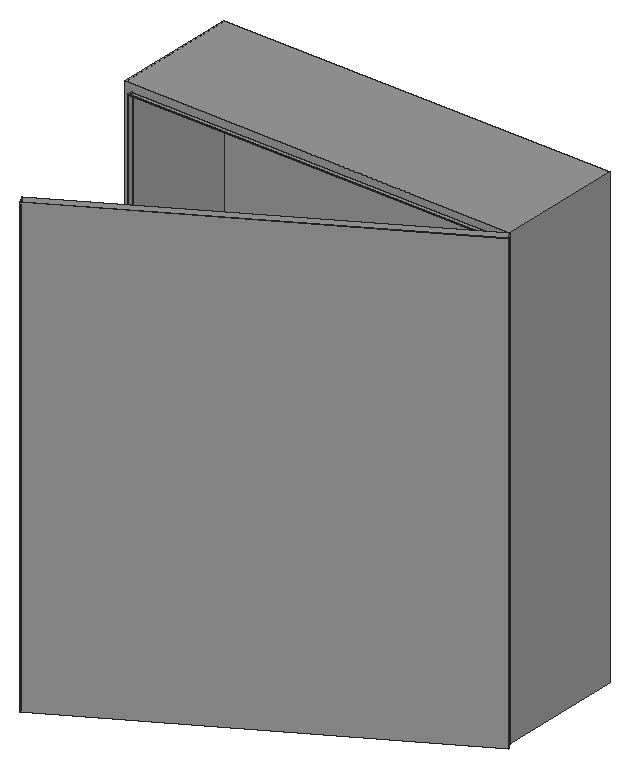
Revit family "Hager-Univers-IP55-D275-H950-Cl.I-Steel_encl-NoHosted-CH-it", category Electrical Equipment, Revit 2020
Family settings
  Panel Configuration = Two Columns, Circuits Across
  Round Connector Dimension = Use Diameter
  Part Type = Panelboard
  Work Plane-Based = Yes
  Always vertical = Yes
  Cut with Voids When Loaded = No
  Shared = No
  Room Calculation Point = No
Parameters (values of type "A parete IP55 L800 A950 P275  - FR63E")
  Width Control [instance] = if([EF000008 - Larghezza] > Min Width, [EF000008 - Larghezza], Min Width)  # 800 mm
  Type Comments = [HG000003 - Gamma]  # "Univers"
  Thickness Door [instance] = if([EF009171 - spessore materiale porta/coperchio] > 3 mm, 3 mm, [EF009171 - spessore materiale porta/coperchio])  # 1.5 mm
  Seal Frame Offset [instance] = 17 mm  # constant formula
  Plinth Visibility [instance] = [HG000027 - Altezza dello zoccolo] > 0 mm  # no
  Min Width [instance] = 100 mm  # constant formula
  Min Depth [instance] = (2 * [EF009170 - spessore materiale scatola]) + 1 mm  # 4 mm
  Min Height [instance] = 100 mm  # constant formula
  Internal Frame Depth [instance] = (Door System Depth * 0.5)  # 9 mm
  Panel Name [instance] = ""  # (empty or 0)
  Model = ""
  HG000027 - Altezza dello zoccolo = 0 mm
  HG000026 - A pavimento = no
  HG000024 - Altezza della sezione inferiore = 600 mm
  HG000023 - Custodia a doppia sezione = no
  HG000016 - Visibilità delle porte nella vista 3D [instance] = yes
  HG000015 - Visibilità attraverso la porta [instance] = no
  HG000014 - Porta destra [instance] = yes
  HG000013 - Porta sinistra [instance] = not([HG000014 - Porta destra])  # no
  HG000012 - Angolo di apertura della porta [instance] = 30.00°
  HG000010 - Porte asimmetriche = no
  HG000009 - Porta doppia a battente = no
  HG000006 - Ad incasso = no
  HG000004 - Codice produttore = "FR63E"
  HG000003 - Gamma = "Univers"
  HG000002 - Con porta = yes
  Frame Offset Bottom [instance] = 10 mm  # constant formula
  Frame Offset [instance] = 15 mm  # constant formula
  EF015940 - Coprire con rilascio di sovrapressione = no
  EF011959 - tipo di protezione (NEMA) = ""
  EF009554 - numero delle aperture per la piastra della flangia = 6
  EF009212 - esecuzione coperchio = "EV000116 - chiuso"
  EF009171 - spessore materiale porta/coperchio = 1.5 mm
  EF009170 - spessore materiale scatola = 1.5 mm
  EF008873 - corrente nominale (In) = 800 A
  EF007800 - adatto per parafulmine = no
  EF006306 - con serratura = no
  EF006244 - coperchio/porta trasparente = no
  EF005474 - grado di protezione (IP) = "EV006420 - IP55"
  EF004464 - tipo di porta = "EV002646 - singolo"
  EF004427 - numero di moduli = 216
  EF004293 - resistenza agli urti = "EV008784 - IK10"
  EF003532 - adatto per uso esterno = no
  EF002950 - Numero moduli DIN = 24
  EF001613 - Integrità del circuito = "EV000494 - senza"
  EF001596 - Attacco Lampada = "EV000179 - acciaio"
  EF001131 - profondità interna = 275 mm
  EF001088 - possibilità di applicazione = yes
  EF000437 - numero di ingressi per conduttori = 6
  EF000339 - tipo di copertura = "EV004216 - porta"
  EF000266 - numero di file = 6
  EF000218 - profondità di incasso = 0 mm
  EF000118 - con piastra di montaggio = no
  EF000116 - numero RAL = "7035"
  EF000049 - profondità = 275 mm
  EF000040 - Altezza = 950 mm
  EF000008 - Larghezza = 800 mm
  EF000007 - colore = "EV000270 - grigio"
  EF000003 - Tipo di montaggio = "EV000384 - A parete"
  Door System Leaf Tolerance [instance] = 1.5 mm  # constant formula
  Door System Depth [instance] = 18 mm  # constant formula
  Door Height [instance] = Height Control - [HG000027 - Altezza dello zoccolo]  # 950 mm
  Description = ""
  Default Elevation = 1219.2 mm
  Connector Offset [instance] = Height Control / 2  # 475 mm
  Manufacturer = "Hager"  # constant formula
  Height Control [instance] = if([EF000040 - Altezza] > Min Height, [EF000040 - Altezza], Min Height)  # 950 mm
  Depth Control [instance] = if([EF000049 - profondità] > Min Depth, [EF000049 - profondità], Min Depth)  # 275 mm
  Bottom Top Plate Trim [instance] = 1.5 mm  # constant formula
  Plinth height Ctrl [instance] = if([HG000027 - Altezza dello zoccolo] > 0 mm, [HG000027 - Altezza dello zoccolo], 12 mm)  # 12 mm
Types (5, lengths in mm): name | Width Control | HG000010 - Porte asimmetriche | HG000009 - Porta doppia a battente | HG000004 - Codice produttore | EF009554 - numero delle aperture per la piastra della flangia | EF004464 - tipo di porta | EF004427 - numero di moduli | EF000437 - numero di ingressi per conduttori | EF000008 - Larghezza
  A parete IP55 L1050 A950 P275  - FR64E | 1050 | no | yes | "FR64E" | 8 | "EV003602 - doppio" | 288 | 8 | 1050
  A parete IP55 L1300 A950 P275  - FR65E | 1300 | yes | yes | "FR65E" | 10 | "EV003602 - doppio" | 360 | 10 | 1300
  A parete IP55 L300 A950 P275  - FR61E | 300 | no | no | "FR61E" | 2 | "EV002646 - singolo" | 72 | 2 | 300
  A parete IP55 L550 A950 P275  - FR62E | 550 | no | no | "FR62E" | 4 | "EV002646 - singolo" | 144 | 4 | 550
  A parete IP55 L800 A950 P275  - FR63E | 800 | no | no | "FR63E" | 6 | "EV002646 - singolo" | 216 | 6 | 800
Reference planes
  plane 1 "Center (Front/Back)": y = 0
  plane 2: z = 0
  plane 3 "Center (Left/Right)": x = 0
  plane 4: y = 0
  plane 5: y = 0
  plane 6: z = 0
  plane 7: x = -400
  plane 8: x = 400
  plane 9: x = 398.5
  plane 10: x = -398.5
  plane 11: z = 0
  plane 12: z = 1.5
  plane 13: y = -275
  plane 14: y = -1.5
  plane 15: x = 0
  plane 16: y = -257
  plane 17: y = -273.5
  plane 18: y = -255.5
  plane 19: x = -383.5
  plane 20: x = 383.5
  plane 21: z = 11.5
  plane 22: x = -383
  plane 23: x = 383
  plane 24: z = 0
  plane 25: z = 950
  plane 26: z = 950
  plane 27: z = 933.5
  plane 28: z = 948.5
Forms (mm)
  Extrusion 1, solid, material "Hager_Steel_RAL7035_Light_Grey", detail levels medium+fine
    sketch origin (-208.679, -4572, 0) x (-1, 0, 0) y (0, -1, 0)
      loop
        line (191.321, -4315) -> (-608.679, -4315) -> (-608.679, -4572) -> (191.321, -4572) -> (191.321, -4315)
    from 0 to 950
  Extrusion 2, void
    sketch origin (-350.771, -275, 1219.2) x (1, 0, 0) y (0, 0, 1)
      loop
        line (-47.729, -270.7) -> (-47.729, -1217.7) -> (749.271, -1217.7) -> (749.271, -270.7) -> (-47.729, -270.7)
    from -19.5 to -273.5
  Extrusion 3, void
    sketch origin (-290.084, -257, 1219.2) x (1, 0, 0) y (0, 0, 1)
      loop
        line (-93.416, -1207.7) -> (673.584, -1207.7) -> (673.584, -285.7) -> (-93.416, -285.7) -> (-93.416, -1207.7)
    from 0 to -1.5
  Extrusion 4, solid, material "Hager_Steel_RAL7035_Light_Grey", visible <- "Plinth Visibility", detail levels medium+fine
    sketch origin (0, 0, 0) x (1, 0, 0) y (0, 1, 0)
      loop
        line (-400, 0) -> (-400, -257) -> (400, -257) -> (400, 0) -> (-400, 0)
    from 0 to 12 <- "Plinth height Ctrl"
  Extrusion 5, solid, material "Hager_Steel_RAL7035_Light_Grey", detail levels coarse
    sketch origin (0, 0, 0) x (1, 0, 0) y (0, 1, 0)
      loop
        line (-400, 0) -> (-400, -275) -> (400, -275) -> (400, 0) -> (-400, 0)
    from 0 to 950 <- "Height Control"
  Sweep 6, void
    path in 3D
      loop
        line (-400, -257, 12) -> (400, -257, 12) -> (400, 0, 12) -> (-400, 0, 12) -> (-400, -257, 12)
    profile origin (-400, -128.5, 12) x (1, 0, 0) y (0, 0, 1)
      loop
        line (0, 0) -> (0, -1.5) -> (1.5, -1.5)
        arc (1.5, -1.5) -> (1.061, -0.439) -> (0, 0) r 1.5
  Extrusion 7, solid, material "Hager_Steel_RAL7035_Light_Grey", detail levels fine
    sketch origin (-400, -257, 0) x (1, 0, 0) y (0, 0, 1)
      loop
        line (16.5, 11.5) -> (783.5, 11.5) -> (783.5, 933.5) -> (16.5, 933.5) -> (16.5, 11.5)
      loop
        line (15, 10) -> (785, 10) -> (785, 935) -> (15, 935) -> (15, 10)
    from 0 to 9 <- "Internal Frame Depth"
Cuts and joins
  Extrusion 2, Extrusion 3 cuts Extrusion 1
  Sweep 6 cuts Extrusion 4
Lines and regions (mm)
  Masking region 1
    outline origin (0, 0, 0) x (1, 0, 0) y (0, 1, 0)
      loop
        line (-400, 0) -> (-400, -275) -> (400, -275) -> (400, 0) -> (-400, 0)
  Masking region 2, detail levels coarse
    outline origin (-290.084, -257, 1219.2) x (-1, 0, 0) y (0, 0, 1)
      loop
        line (-690.084, -1219.2) -> (109.916, -1219.2) -> (109.916, -269.2) -> (-690.084, -269.2) -> (-690.084, -1219.2)
  Masking region 3, detail levels coarse
    outline origin (0, 0, 0) x (0, 1, 0) y (0, 0, 1)
      loop
        line (0, 0) -> (0, 950) -> (-275, 950) -> (-275, 0) -> (0, 0)
  Masking region 4, visible <- "Plinth Visibility", detail levels medium+fine
    outline origin (0, 0, 0) x (0, 1, 0) y (0, 0, 1)
      loop
        line (-1.5, 12) -> (-255.5, 12)
        arc (-255.5, 12) -> (-255.939, 10.939) -> (-257, 10.5) r 1.5
        line (-257, 10.5) -> (-257, 0) -> (0, 0) -> (0, 10.5)
        arc (0, 10.5) -> (-1.061, 10.939) -> (-1.5, 12) r 1.5
  Masking region 5, detail levels medium+fine
    outline origin (0, 0, 594.038) x (0, 1, 0) y (0, 0, 1)
      loop
        line (0, -594.038) -> (0, 355.962) -> (-257, 355.962) -> (-257, -594.038) -> (0, -594.038)
  Masking region 6, detail levels medium+fine
    outline origin (-359.7, -257, 1211.883) x (-1, 0, 0) y (0, 0, 1)
      loop
        line (-759.7, -1211.883) -> (40.3, -1211.883) -> (40.3, -261.883) -> (-759.7, -261.883) -> (-759.7, -1211.883)
  Masking region 7, visible <- "Plinth Visibility", detail levels medium+fine
    outline origin (-320.334, -257, 1041.368) x (-1, 0, 0) y (0, 0, 1)
      loop
        line (-720.334, -1041.368) -> (79.666, -1041.368) -> (79.666, -1030.868)
        arc (79.666, -1030.868) -> (78.606, -1030.429) -> (78.166, -1029.368) r 1.5
        line (78.166, -1029.368) -> (-718.834, -1029.368)
        arc (-718.834, -1029.368) -> (-719.273, -1030.429) -> (-720.334, -1030.868) r 1.5
        line (-720.334, -1030.868) -> (-720.334, -1041.368)
  sketch lines
    curve 1: line (-400, 0, 12) -> (-400, -257, 12)
    curve 2: line (-400, -257, 12) -> (400, -257, 12)
    curve 3: line (400, 0, 12) -> (-400, 0, 12)
    curve 4: line (400, -257, 12) -> (400, 0, 12)
Dimensions and locks
  locked: plane 1 "Center (Front/Back)" to plane 5
  "EF009170 - spessore materiale scatola": plane 7 to plane 10
  "EF009170 - spessore materiale scatola": plane 8 to plane 9
  equal spacing: plane 7, plane 3 "Center (Left/Right)", plane 8
  "Width Control": plane 7 to plane 8
  "Depth Control": plane 4 to plane 13
  "EF009170 - spessore materiale scatola": plane 4 to plane 14
  "Height Control": plane 25 to level
  "HG000027 - Altezza dello zoccolo": plane 11 to level
  "EF009170 - spessore materiale scatola": plane 12 to plane 11
  "EF009170 - spessore materiale scatola": plane 17 to plane 13
  "EF009170 - spessore materiale scatola": plane 18 to plane 16
  "Frame Offset Bottom": plane 21 to plane 12
  "Frame Offset": plane 10 to plane 19
  "Frame Offset": plane 9 to plane 20
  "Door System Depth": plane 16 to plane 13
  "Seal Frame Offset": plane 7 to plane 22
  "Seal Frame Offset": plane 8 to plane 23
  "EF009170 - spessore materiale scatola": plane 26 to plane 28
  "Frame Offset": plane 28 to plane 27
  "Connector Offset": plane 2 to connector elem
  "Bottom Top Plate Trim": profile plane to Sweep 6 sketch curve
  "Bottom Top Plate Trim": Sweep 6 sketch curve to Sweep 6 sketch curve
  "Plinth height Ctrl": Masking region 4 sketch curve to level
  "Plinth height Ctrl": Masking region 7 sketch curve to level
  "Thickness Door": Extrusion 7 sketch curve to Extrusion 7 sketch curve  (x4)
  "Bottom Top Plate Trim": radius of Sweep 6 sketch curve
  "Bottom Top Plate Trim": radius of Masking region 4 sketch curve  (x2)
  "Bottom Top Plate Trim": radius of Masking region 7 sketch curve  (x2)
  aligned and locked: Extrusion 2 sketch curve to plane 12
  aligned and locked: Extrusion 2 sketch curve to plane 9
  aligned and locked: Extrusion 2 sketch curve to plane 10
  aligned and locked: Extrusion 2 to plane 14
  aligned and locked: Extrusion 1 sketch curve to plane 4
  aligned and locked: plane 8 to Extrusion 1 sketch curve
  aligned and locked: plane 7 to Extrusion 1 sketch curve
  aligned and locked: Extrusion 2 to plane 18
  aligned and locked: Extrusion 3 sketch curve to plane 19
  aligned and locked: plane 20 to Extrusion 3 sketch curve
  aligned and locked: Extrusion 3 to Extrusion 2
  aligned and locked: Extrusion 3 sketch curve to plane 21
  aligned and locked: plane 3 "Center (Left/Right)" to nested 1
  aligned and locked: Extrusion 1 sketch curve to plane 16
  aligned and locked: Extrusion 4 sketch curve to cut or joined group of Extrusion 1, Extrusion 2, Extrusion 3
  aligned and locked: Masking region 1 sketch curve to plane 7
  aligned and locked: Masking region 1 sketch curve to plane 5
  aligned and locked: Masking region 1 sketch curve to plane 8
  aligned and locked: Masking region 2 sketch curve to level
  aligned and locked: level to Masking region 3 sketch curve
  aligned and locked: plane 1 "Center (Front/Back)" to Masking region 3 sketch curve
  aligned and locked: plane 13 to Masking region 3 sketch curve
  aligned and locked: plane 5 to Masking region 4 sketch curve
  aligned and locked: Masking region 2 sketch curve to plane 8
  aligned and locked: Masking region 2 sketch curve to plane 7
  aligned and locked: plane 7 to nested 2
  aligned and locked: nested 2 to plane 5
  aligned and locked: plane 5 to Masking region 5 sketch curve
  aligned and locked: plane 26 to Masking region 5 sketch curve
  aligned and locked: Extrusion 5 sketch curve to plane 8
  aligned and locked: Extrusion 5 sketch curve to plane 7
  aligned and locked: Extrusion 5 sketch curve to plane 5
  aligned and locked: Extrusion 3 sketch curve to plane 27
  aligned and locked: Extrusion 2 sketch curve to plane 28
  aligned and locked: Masking region 2 to plane 25
  aligned and locked: Extrusion 4 to plane 16
  aligned and locked: profile plane to Sweep 6 sketch curve
  aligned and locked: Masking region 5 sketch curve to plane 24
  aligned and locked: level to Masking region 4 sketch curve
  aligned and locked: Masking region 1 to plane 13
  aligned and locked: nested 1 to plane 16
  aligned and locked: Masking region 3 to plane 25
  aligned and locked: plane 16 to Masking region 4 sketch curve
  aligned and locked: Masking region 5 sketch curve to plane 16
  aligned and locked: plane 24 to plane 11
  aligned and locked: plane 26 to plane 25
  aligned and locked: plane 26 to cut or joined group of Extrusion 1, Extrusion 2, Extrusion 3
  aligned and locked: nested 1 to plane 24
  aligned and locked: Extrusion 1 to Extrusion 3
  aligned and locked: Masking region 6 sketch curve to plane 8
  aligned and locked: Masking region 6 sketch curve to plane 24
  aligned and locked: Masking region 6 sketch curve to plane 7
  aligned and locked: Masking region 6 sketch curve to plane 26
  aligned and locked: Masking region 7 sketch curve to plane 7
  aligned and locked: level to Masking region 7 sketch curve
  aligned and locked: Masking region 7 sketch curve to plane 8
  aligned and locked: Extrusion 7 sketch curve to cut or joined group of Extrusion 1, Extrusion 2, Extrusion 3  (x4)
Automatic sketch dimensions
  plane 19 to Extrusion 3 sketch curve = 0 mm
  Extrusion 3 sketch curve to plane 20 = 0 mm
  Extrusion 3 sketch curve to plane 21 = 0 mm
  Extrusion 4 sketch curve to plane 7 = 0 mm
  Extrusion 4 sketch curve to plane 8 = 0 mm
  Extrusion 4 sketch curve to plane 16 = 0 mm
  Masking region 1 sketch curve to plane 13 = 0 mm
  Masking region 2 sketch curve to plane 25 = 0 mm
  Masking region 3 sketch curve to plane 25 = 0 mm
  Extrusion 5 sketch curve to plane 13 = 0 mm
  profile plane to Sweep 6 sketch curve = 0 mm
Nested families
  nested 1: "EC000058_Univers_Door" at (0, -257, 0), Double <- "HG000009 - Porta doppia a battente", Transparent <- "EF006244 - coperchio/porta trasparente", Angle <- "HG000012 - Angolo di apertura della porta", Door_Right <- "HG000014 - Porta destra", Assymetrical <- "HG000010 - Porte asimmetriche", Door <- "HG000002 - Con porta", Width_Ctrl <- "Width Control", 3d_Door <- "HG000016 - Visibilità delle porte nella vista 3D", Clearance <- "HG000015 - Visibilità attraverso la porta", Door_Left <- "HG000013 - Porta sinistra", Width <- "Width Control", Door_Depth <- "Door System Depth", Leaf_Tolerance <- "Door System Leaf Tolerance", Height <- "Door Height", Lock_Visibility <- "EF006306 - con serratura", Thickness <- "Thickness Door", type "EC000058_Univers_Door", detail levels medium+fine
    with min_wh 4 mm, Width_Ctrl 800 mm, Width 800 mm, Transparent no, Thickness 1.5 mm, Seal_Material Hager_Rubber, Lock_Visibility no, Lock_Material Hager_Plastic_RAL9005_Jet_Black, Leaf_Width 800 mm, Leaf_Tolerance_External_Sides 0 mm, Leaf_Tolerance 1.5 mm, Leaf_Offset 0 mm, Leaf_Height 947 mm, Leaf_2_Width 800 mm, Leaf_2_Offset 400 mm, Leaf_1_Width 800 mm, Leaf_1_Offset 400 mm, Height_Ctrl 950 mm, Height 950 mm, Glass_Material Hager_Glass, Double_Clearance_Ctrl no, Double no, Door_Right_Ctrl yes, Door_Right yes, Door_Material Hager_Steel_RAL7035_Light_Grey, Door_Left_Ctrl no, Door_Left no, Door_Depth 18 mm, Door yes, Clearance_Material Hager_Clearance, Clearance_Depth 800 mm, Clearance_Ctrl no, Clearance no, Assymetrical no, Angle 30.00°, 3d_Door yes
  nested 2: "Hager_Enclosure_Symbol" at (-400, 0, 0), Height <- "Depth Control", Width <- "Width Control", type "Hager_Enclosure_Symbol"
    with Width_Ctrl 800 mm, Width 800 mm, Height_Ctrl 275 mm, Height 275 mm, A_Width_Int 18.047 mm, A_Width 216.562 mm, A_Height_Ctrl 240.625 mm, A_Height 240.625 mm
Connectors
  electrical at (0, 0, 475)
    settings: on plane 1 "Center (Front/Back)", index 1, voltage 0 V, apparent load 0 VA, apparent load phase1 0 VA, apparent load phase2 0 VA, apparent load phase3 0 VA, power factor 1, load classification "Other", number of poles 1, system type 30, power factor state 1, is connector primary yes, connector utility no, sub classification motor no, connector description ""
Definition of nested family "EC000058_Univers_Door"
  Parameters (values of type "EC000058_Univers_Door")
    min_wh [instance] = (2 * Thickness) + 1 mm  # 11 mm
    Width_Ctrl [instance] = 400 mm
    Width [instance] = 500 mm
    Transparent [instance] = yes
    Thickness [instance] = 5 mm
    Seal_Material [instance] = none
    Lock_Visibility [instance] = yes
    Lock_Material [instance] = none
    Leaf_Width [instance] = if((Width_Ctrl - 2 * Leaf_Tolerance_External_Sides) > 0 mm, (Width_Ctrl - 2 * Leaf_Tolerance_External_Sides), min_wh)  # 400 mm
    Leaf_Tolerance_External_Sides [instance] = 0 mm  # constant formula
    Leaf_Tolerance [instance] = 1.5 mm
    Leaf_Offset [instance] = 0 mm  # constant formula
    Leaf_Height [instance] = if((Height_Ctrl - 2 * Leaf_Tolerance) > 0 mm, (Height_Ctrl - 2 * Leaf_Tolerance), min_wh)  # 497 mm
    Leaf_2_Width [instance] = if(and(and(Double, Assymetrical), Door_Left), (Leaf_Width / 3) - (Leaf_Tolerance / 2), if(and(and(Double, Assymetrical), Door_Right), (Leaf_Width / 3) * 2 - (Leaf_Tolerance / 2), if(and(Double, not(Assymetrical)), (Leaf_Width / 2) - Leaf_Tolerance, Leaf_Width)))  # 400 mm
    Leaf_2_Offset [instance] = if(and(Double, Assymetrical), Leaf_2_Width / 2, if(and(Double, not(Assymetrical)), Leaf_Width / 4, Leaf_Width / 2))  # 200 mm
    Leaf_1_Width [instance] = if(and(and(Double, Assymetrical), Door_Right), (Leaf_Width / 3) - (Leaf_Tolerance / 2), if(and(and(Double, Assymetrical), Door_Left), (Width / 3) * 2 - (Leaf_Tolerance / 2), if(and(Double, not(Assymetrical)), (Leaf_Width / 2) - Leaf_Tolerance, Leaf_Width)))  # 400 mm
    Leaf_1_Offset [instance] = if(and(Double, Assymetrical), Leaf_1_Width / 2, if(and(Double, not(Assymetrical)), Leaf_Width / 4, Leaf_Width / 2))  # 200 mm
    Height_Ctrl [instance] = if(Height > min_wh, Height, min_wh)  # 500 mm
    Height [instance] = 500 mm
    Glass_Material [instance] = none
    Double_Clearance_Ctrl [instance] = and(Double, Clearance)  # no
    Double [instance] = no
    Door_Right_Ctrl [instance] = and(or(Door_Right, Double), Door)  # yes
    Door_Right [instance] = yes
    Door_Material [instance] = none
    Door_Left_Ctrl [instance] = and(or(Door_Left, Double), Door)  # no
    Door_Left [instance] = no
    Door_Depth [instance] = 30 mm
    Door [instance] = yes
    Default Elevation = 1219.2 mm
    Clearance_Material [instance] = none
    Clearance_Depth [instance] = if(Leaf_1_Width > Leaf_2_Width, Leaf_1_Width, Leaf_2_Width)  # 400 mm
    Clearance_Ctrl [instance] = and(not(Double), Clearance)  # yes
    Clearance [instance] = yes
    Assymetrical [instance] = yes
    Angle [instance] = 30.00°
    3d_Door [instance] = yes
  Reference planes
    plane 1 "Center (Front/Back)": y = 0
    plane 2 "Bottom": z = 0
    plane 3 "Center (Left/Right)": x = 0
    plane 4: z = 500
    plane 5: x = -200
    plane 6: x = 200
    plane 7: z = 500
    plane 8: x = -200
    plane 9: z = 0
    plane 10: x = 200
    plane 11: y = 0
    plane 12: z = 1.5
    plane 13: x = -600
    plane 14: y = -400
    plane 15: x = 600
    plane 16: x = 0
    plane 17: x = 0
    plane 18: x = -200
    plane 19: x = 200
    plane 20: z = 498.5
  Forms (mm)
    Extrusion 1, solid, material <- "Clearance_Material", visible <- "Double_Clearance_Ctrl"
      sketch origin (1200, 0, 0) x (1, 0, 0) y (0, 0, -1)
        loop
          line (-1800, -498.5) -> (-600, -498.5) -> (-600, 0) -> (-1800, 0) -> (-1800, -498.5)
      from 0 to -400
  Dimensions and locks
    equal spacing: plane 5, plane 3 "Center (Left/Right)", plane 6
    "Width_Ctrl": plane 5 to plane 6
    "Leaf_Offset": plane 5 to plane 8
    "Leaf_Offset": plane 6 to plane 10
    "Leaf_Offset": plane 9 to level
    "Leaf_Offset": plane 4 to plane 7
    "Height_Ctrl": plane 4 to level
    "Leaf_Tolerance": plane 12 to plane 9
    locked: plane 11 to plane 1 "Center (Front/Back)"
    "Leaf_1_Offset": plane 18 to plane 16
    "Leaf_2_Offset": plane 17 to plane 19
    "Leaf_1_Width": plane 13 to plane 8
    "Leaf_2_Width": plane 10 to plane 15
    "Clearance_Depth": plane 14 to plane 1 "Center (Front/Back)"
    "Leaf_Tolerance_External_Sides": plane 8 to plane 18
    "Leaf_Tolerance_External_Sides": plane 19 to plane 10
    "Leaf_Tolerance": plane 7 to plane 20
    aligned and locked: level to plane 2 "Bottom"
    aligned and locked: nested 1 to plane 16
    aligned and locked: nested 2 to plane 17
    aligned and locked: Extrusion 1 to plane 13
    aligned and locked: plane 15 to Extrusion 1
    aligned and locked: Extrusion 1 to plane 14
    aligned and locked: plane 12 to nested 1
    aligned and locked: nested 2 to plane 12
    aligned and locked: Extrusion 1 to plane 11
    aligned and locked: plane 20 to Extrusion 1
    aligned and locked: nested 2 to plane 11
    aligned and locked: nested 1 to plane 11
  Automatic sketch dimensions
    Extrusion 1 sketch curve to level = 0 mm
    plane 5 to Extrusion 1 sketch curve = 400 mm
    plane 6 to Extrusion 1 sketch curve = 400 mm
    Extrusion 1 sketch curve to plane 4 = 1.5 mm
  Nested families
    nested 1: "EC000058_Univers_Door_Leaf" at (0, 0, 1.5), Width <- "Leaf_1_Width", visible <- "Door_Left_Ctrl", Leaf_Height <- "Leaf_Height", Angle <- "Angle", 3d_Door <- "3d_Door", Transparent <- "Transparent", Clearance Material <- "Clearance_Material", Clearance <- "Clearance_Ctrl", Door_Material <- "Door_Material", Glass_Material <- "Glass_Material", Door_Depth <- "Door_Depth", Lock_Material <- "Lock_Material", Seal_Material <- "Seal_Material", Lock_Visibility <- "Lock_Visibility", Thickness <- "Thickness", type "EC000058_Univers_Door_Leaf"
      with Width 400 mm, Transparent_Glass_Offset 30 mm, Transparent_Ctrl yes, Transparent yes, Thickness 5 mm, Standard no, Seal_Material none, Seal_D2 8 mm, Seal_D1 1 mm, Offset_Internal_Frame 10 mm, Lock_Width 20 mm, Lock_Visibility_3d yes, Lock_Visibility yes, Lock_Thickness_3 3 mm, Lock_Thickness_2 1 mm, Lock_Thickness_1 3 mm, Lock_Radius_Offset_2 16 mm, Lock_Radius_Offset_1 15 mm, Lock_Radius_2 5 mm, Lock_Radius 6 mm, Lock_Offset 5 mm, Lock_Material none, Lock_Height 80 mm, Lock_Cover_Top_Offset_2d 17 mm, Lock_Cover_Height -65 mm, Leaf_Height 497 mm, Internal_Seal_Thickness 8 mm, Internal_Seal_Depth_2 4.5 mm, Internal_Frame_Depth 25 mm, Glass_Thickness -1 mm, Glass_Offset -2 mm, Glass_Material none, Door_Material none, Door_Depth 30 mm, Clearance Material none, Clearance yes, Angle_Ctrl 30.00°, Angle 30.00°, 3d_Door yes
    nested 2: "EC000058_Univers_Door_Leaf" at (0, 0, 1.5) x (-1, 0, 0) z (0, 0, 1), Width <- "Leaf_2_Width", visible <- "Door_Right_Ctrl", Leaf_Height <- "Leaf_Height", Angle <- "Angle", 3d_Door <- "3d_Door", Transparent <- "Transparent", Clearance Material <- "Clearance_Material", Clearance <- "Clearance_Ctrl", Door_Material <- "Door_Material", Glass_Material <- "Glass_Material", Door_Depth <- "Door_Depth", Lock_Material <- "Lock_Material", Seal_Material <- "Seal_Material", Lock_Visibility <- "Lock_Visibility", Thickness <- "Thickness", type "EC000058_Univers_Door_Leaf"
      with Width 400 mm, Transparent_Glass_Offset 30 mm, Transparent_Ctrl yes, Transparent yes, Thickness 5 mm, Standard no, Seal_Material none, Seal_D2 8 mm, Seal_D1 1 mm, Offset_Internal_Frame 10 mm, Lock_Width 20 mm, Lock_Visibility_3d yes, Lock_Visibility yes, Lock_Thickness_3 3 mm, Lock_Thickness_2 1 mm, Lock_Thickness_1 3 mm, Lock_Radius_Offset_2 16 mm, Lock_Radius_Offset_1 15 mm, Lock_Radius_2 5 mm, Lock_Radius 6 mm, Lock_Offset 5 mm, Lock_Material none, Lock_Height 80 mm, Lock_Cover_Top_Offset_2d 17 mm, Lock_Cover_Height -65 mm, Leaf_Height 497 mm, Internal_Seal_Thickness 8 mm, Internal_Seal_Depth_2 4.5 mm, Internal_Frame_Depth 25 mm, Glass_Thickness -1 mm, Glass_Offset -2 mm, Glass_Material none, Door_Material none, Door_Depth 30 mm, Clearance Material none, Clearance yes, Angle_Ctrl 30.00°, Angle 30.00°, 3d_Door yes
  Definition of nested family "EC000058_Univers_Door_Leaf"
    Parameters (values of type "EC000058_Univers_Door_Leaf")
      Width [instance] = 2000 mm
      Transparent_Glass_Offset [instance] = 30 mm
      Transparent_Ctrl [instance] = and(Transparent, [3d_Door])  # yes
      Transparent [instance] = yes
      Thickness [instance] = 5 mm
      Standard [instance] = and(not(Transparent), [3d_Door])  # no
      Seal_Material [instance] = none
      Seal_D2 [instance] = 8 mm  # constant formula
      Seal_D1 [instance] = 1 mm  # constant formula
      Offset_Internal_Frame [instance] = 10 mm  # constant formula
      Lock_Width [instance] = 20 mm  # constant formula
      Lock_Visibility_3d [instance] = and(Lock_Visibility, [3d_Door])  # yes
      Lock_Visibility [instance] = yes
      Lock_Thickness_3 [instance] = 3 mm  # constant formula
      Lock_Thickness_2 [instance] = 1 mm  # constant formula
      Lock_Thickness_1 [instance] = 3 mm  # constant formula
      Lock_Radius_Offset_2 [instance] = Lock_Radius_Offset_1 + 1 mm  # 16 mm
      Lock_Radius_Offset_1 [instance] = 15 mm  # constant formula
      Lock_Radius_2 [instance] = Lock_Radius - 1 mm  # 5 mm
      Lock_Radius [instance] = 6 mm  # constant formula
      Lock_Offset [instance] = 5 mm  # constant formula
      Lock_Material [instance] = none
      Lock_Height [instance] = 80 mm  # constant formula
      Lock_Cover_Top_Offset_2d [instance] = Lock_Radius_Offset_2 + 1 mm  # 17 mm
      Lock_Cover_Height [instance] = -(Lock_Height - Lock_Radius_Offset_1)  # -65 mm
      Leaf_Height [instance] = 2720.336 mm
      Internal_Seal_Thickness [instance] = 8 mm  # constant formula
      Internal_Seal_Depth_2 [instance] = 4.5 mm  # constant formula
      Internal_Frame_Depth [instance] = if(Door_Depth - Thickness > 5 mm, Door_Depth - Thickness, 5 mm)  # 25 mm
      Glass_Thickness [instance] = if(Thickness > 15 mm, Glass_Offset + 10 mm, -1 mm)  # -1 mm
      Glass_Offset [instance] = if(Thickness > 15 mm, -(Thickness + 10 mm) / 2, -2 mm)  # -2 mm
      Glass_Material [instance] = none
      Door_Material [instance] = none
      Door_Depth [instance] = 30 mm
      Default Elevation = 0 mm
      Clearance Material [instance] = none
      Clearance [instance] = yes
      Angle_Ctrl [instance] = if(Angle > 180.00°, 180.00°, Angle)  # 90.00°
      Angle [instance] = 90.00°
      3d_Door [instance] = yes
    Reference planes
      plane 1 "Center (Front/Back)": y = 0
      plane 2: z = 0
      plane 3 "Center (Left/Right)": x = 0
      plane 4: y = 2000
      plane 5: x = -1000
      plane 6: x = 1000
      plane 7: x = -3000
      plane 8: z = 2720.336
      plane 9: z = 30
      plane 10: z = 2690.336
      plane 11: x = 970
      plane 12: x = -970
      plane 13: y = -3
      plane 14: z = 107.833
      plane 15: y = -5
      plane 16: y = -223.314
      plane 17: x = -1000
      plane 18: z = 1360.168
      plane 19: y = 30
    Forms (mm)
      Extrusion 1, solid, material <- "Clearance Material", visible <- "Clearance"
        sketch origin (0, 0, 0) x (1, 0, 0) y (0, 0, 1)
          loop
            line (-3000, 2720.336) -> (-3000, 0) -> (1000, 0) -> (1000, 2720.336) -> (-3000, 2720.336)
        from 0 to -2000
      Extrusion 2, solid, material <- "Door_Material", visible <- "Standard", detail levels medium+fine
        sketch origin (-1000, 0, 0) x (0, 1, 0) y (-1, 0, 0)
          loop
            line (0, 30) -> (0, 25) -> (2000, 25) -> (2000, 30) -> (0, 30)
        from 0 to 2720.336 <- "Leaf_Height"
      Extrusion 3, solid, material <- "Door_Material", visible <- "Transparent_Ctrl", detail levels medium+fine
        sketch origin (-1000, 0, 0) x (0, 1, 0) y (-1, 0, 0)
          loop
            line (0, 25) -> (2000, 25) -> (2000, 30) -> (0, 30) -> (0, 25)
        from 0 to 2720.336 <- "Leaf_Height"
      Extrusion 4, void
        sketch origin (-1025, 2000, 0) x (0, 1, 0) y (0, 0, -1)
          loop
            line (-30, -2690.336) -> (-30, -30) -> (-1970, -30) -> (-1970, -2690.336) -> (-30, -2690.336)
        from 0 to 5 <- "Thickness"
      Sweep 5, solid, material <- "Seal_Material", visible <- "Transparent_Ctrl", detail levels fine
        path in 3D
          loop
            line (-1025, 30, 30) -> (-1025, 30, 2690.336) -> (-1025, 1970, 2690.336) -> (-1025, 1970, 30) -> (-1025, 30, 30)
        profile origin (-1025, 1000, 30) x (1, 0, 0) y (0, 0, 1)
          loop
            line (0, 0) -> (0, -8) -> (1, -8) -> (1, 0) -> (0, 0)
      Extrusion 6, solid, material <- "Glass_Material", visible <- "Transparent_Ctrl", detail levels medium+fine
        sketch origin (-1030, 0, 0) x (0, 1, 0) y (0, 0, -1)
          loop
            line (1970, -2690.336) -> (1970, -30) -> (30, -30) -> (30, -2690.336) -> (1970, -2690.336)
        from -2 <- "Glass_Offset" to -1 <- "Glass_Thickness"
      Extrusion 7, solid, material <- "Door_Material", visible <- "3d_Door", detail levels medium+fine
        sketch origin (-1025, 2000, 0) x (0, -1, 0) y (0, 0, -1)
          loop
            line (0, -2720.336) -> (2000, -2720.336) -> (2000, 0) -> (0, 0) -> (0, -2720.336)
          loop
            line (1995, -5) -> (5, -5) -> (5, -2715.336) -> (1995, -2715.336) -> (1995, -5)
        from 0 to 25 <- "Internal_Frame_Depth"
      Sweep 8, solid, material <- "Seal_Material", visible <- "Transparent_Ctrl", detail levels fine
        path in 3D
          loop
            line (-1025, 0, 0) -> (-1025, 2000, 0) -> (-1025, 2000, 2720.336) -> (-1025, 0, 2720.336) -> (-1025, 0, 0)
        profile origin (-1025, 0, 1360.168) x (1, 0, 0) y (0, 1, 0)
          loop
            line (0, 10) -> (2.975, 10)
            arc (2.975, 10) -> (4.053, 10.447) -> (4.5, 11.525) r 1.525
            line (4.5, 11.525) -> (4.5, 16.527)
            arc (4.5, 16.527) -> (4.069, 17.569) -> (3.027, 18) r 1.473
            line (3.027, 18) -> (0, 18) -> (0, 10)
      Extrusion 9, solid, material <- "Lock_Material", visible <- "Lock_Visibility_3d", detail levels fine
        sketch origin (-1030, 0, 0) x (0, 1, 0) y (0, 0, -1)
          loop
            arc (1993.5, -1400.168) -> (1994.561, -1399.729) -> (1995, -1398.668) r 1.5
            line (1995, -1398.668) -> (1995, -1320.168) -> (1975, -1320.168) -> (1975, -1398.668)
            arc (1975, -1398.668) -> (1975.439, -1399.729) -> (1976.5, -1400.168) r 1.5
            line (1976.5, -1400.168) -> (1993.5, -1400.168)
        from 3 <- "Lock_Thickness_1" to 0
      Blend 10, solid, material <- "Lock_Material", visible <- "Lock_Visibility_3d", detail levels fine
        base sketch origin (-1033, 0, 0) x (0, 1, 0) y (0, 0, -1)
          loop
            line (1975, -1320.168) -> (1975, -1398.668)
            arc (1975, -1398.668) -> (1975.439, -1399.729) -> (1976.5, -1400.168) r 1.5
            line (1976.5, -1400.168) -> (1993.5, -1400.168)
            arc (1993.5, -1400.168) -> (1994.561, -1399.729) -> (1995, -1398.668) r 1.5
            line (1995, -1398.668) -> (1995, -1320.168) -> (1975, -1320.168)
        top sketch origin (-1033, 0, 0) x (0, 1, 0) y (0, 0, -1)
          loop
            line (1976, -1320.168) -> (1976, -1398.668)
            arc (1976, -1398.668) -> (1976.146, -1399.022) -> (1976.5, -1399.168) r 0.5
            line (1976.5, -1399.168) -> (1993.5, -1399.168)
            arc (1993.5, -1399.168) -> (1993.854, -1399.022) -> (1994, -1398.668) r 0.5
            line (1994, -1398.668) -> (1994, -1320.168) -> (1976, -1320.168)
        from 0 to 1 <- "Lock_Thickness_2"
      Blend 11, solid, material <- "Lock_Material", visible <- "Lock_Visibility_3d", detail levels fine
        base sketch origin (-1034, 0, 0) x (0, 1, 0) y (0, 0, -1)
          loop
            line (1978, -1320.168) -> (1978, -1384.168)
            arc (1978, -1384.168) -> (1985, -1391.168) -> (1992, -1384.168) r 7
            line (1992, -1384.168) -> (1992, -1320.168) -> (1978, -1320.168)
        top sketch origin (-1034, 0, 0) x (0, 1, 0) y (0, 0, -1)
          loop
            line (1991, -1320.168) -> (1979, -1320.168) -> (1979, -1383.168)
            arc (1979, -1383.168) -> (1985, -1389.168) -> (1991, -1383.168) r 6
            line (1991, -1383.168) -> (1991, -1320.168)
        from 0 to 3 <- "Lock_Thickness_3"
      Extrusion 12, solid, material <- "Lock_Material", visible <- "Lock_Visibility_3d", detail levels fine
        sketch origin (-1030, 1975, 1320.168) x (1, 0, 0) y (0, -1, 0)
          loop
            line (-7, -19) -> (-7, -1) -> (0, -1) -> (0, 0) -> (-8, 0) -> (-8, -20) -> (0, -20) -> (0, -19) -> (-7, -19)
        from 0 to -65 <- "Lock_Cover_Height"
      Extrusion 13, void
        sketch origin (-1038, 1995, 1320.168) x (-1, 0, 0) y (0, 0, -1)
          loop
            line (-5, -65) -> (0, -65) -> (-5, -60) -> (-5, -65)
        from 0 to 20 <- "Lock_Width"
      Extrusion 14, void
        sketch origin (-1038, 1975, 1320.168) x (0, -1, 0) y (0, 0, -1)
          loop
            circle (-10, -15.995) r 6
          loop
            circle (-10, -15.995) r 5
        from 0 to 2
      Extrusion 15, solid, material <- "Lock_Material", visible <- "Lock_Visibility_3d", detail levels medium
        sketch origin (-1030, 0, 0) x (0, 1, 0) y (0, 0, -1)
          loop
            arc (1993.5, -1400.168) -> (1994.561, -1399.729) -> (1995, -1398.668) r 1.5
            line (1995, -1398.668) -> (1995, -1320.168) -> (1975, -1320.168) -> (1975, -1398.668)
            arc (1975, -1398.668) -> (1975.439, -1399.729) -> (1976.5, -1400.168) r 1.5
            line (1976.5, -1400.168) -> (1993.5, -1400.168)
        from 8 to 0
    Cuts and joins
      Extrusion 4 cuts Extrusion 3
      Extrusion 13, Extrusion 14 cuts Extrusion 9
      Extrusion 14 cuts Blend 11
      Extrusion 13, Extrusion 14 cuts Extrusion 12
      joined: Extrusion 9, Blend 10, Blend 11, Extrusion 12
      Extrusion 14 cuts Extrusion 15
    Lines and regions (mm)
      Masking region 1, visible <- "Lock_Visibility", detail levels fine
        outline origin (0, 0, 0) x (0, 1, 0) y (0, 0, 1)
          loop
            line (30, 1320.168) -> (33, 1320.168) -> (33, 1400.168) -> (30, 1400.168) -> (30, 1320.168)
      Masking region 2, visible <- "Lock_Visibility", detail levels fine
        outline origin (0, 3.143, 0) x (0, 1, 0) y (0, 0, 1)
          loop
            line (29.857, 1354.168) -> (30.857, 1354.168) -> (30.857, 1366.168) -> (29.857, 1366.168) -> (29.857, 1354.168)
      Masking region 3, detail levels medium+fine
        outline origin (0, 0, 0) x (0, 1, 0) y (0, 0, 1)
          loop
            line (0, 0) -> (30, 0) -> (30, 2720.336) -> (0, 2720.336) -> (0, 0)
      Masking region 4, detail levels medium+fine
        outline origin (0, 0, 0) x (1, 0, 0) y (0, 0, 1)
          loop
            line (-1000, 2720.336) -> (-1000, 0) -> (1000, 0) -> (1000, 2720.336) -> (-1000, 2720.336)
      Masking region 5, visible <- "Lock_Visibility", detail levels fine
        outline origin (-47.116, 0, 0) x (1, 0, 0) y (0, 0, 1)
          loop
            arc (1024.616, 1399.168) -> (1023.556, 1398.729) -> (1023.116, 1397.668) r 1.5
            line (1023.116, 1397.668) -> (1023.116, 1320.168) -> (1041.116, 1320.168) -> (1041.116, 1397.668)
            arc (1041.116, 1397.668) -> (1040.677, 1398.729) -> (1039.616, 1399.168) r 1.5
            line (1039.616, 1399.168) -> (1024.616, 1399.168)
      Masking region 6, visible <- "Lock_Visibility", detail levels medium+fine
        outline origin (-25, 0, 0) x (1, 0, 0) y (0, 0, 1)
          loop
            arc (1001.5, 1400.168) -> (1000.439, 1399.729) -> (1000, 1398.668) r 1.5
            line (1000, 1398.668) -> (1000, 1320.168) -> (1020, 1320.168) -> (1020, 1398.668)
            arc (1020, 1398.668) -> (1019.561, 1399.729) -> (1018.5, 1400.168) r 1.5
            line (1018.5, 1400.168) -> (1001.5, 1400.168)
      Masking region 7, visible <- "Lock_Visibility", detail levels fine
        outline origin (-73.735, 0, 0) x (1, 0, 0) y (0, 0, 1)
          loop
            line (1051.735, 1382.168) -> (1065.735, 1382.168) -> (1065.735, 1384.168)
            arc (1065.735, 1384.168) -> (1058.735, 1391.168) -> (1051.735, 1384.168) r 7
            line (1051.735, 1384.168) -> (1051.735, 1382.168)
      Masking region 8, visible <- "Lock_Visibility", detail levels fine
        outline origin (-73.735, 0, 0) x (1, 0, 0) y (0, 0, 1)
          loop
            line (1052.735, 1382.168) -> (1064.735, 1382.168) -> (1064.735, 1383.168)
            arc (1064.735, 1383.168) -> (1058.735, 1389.168) -> (1052.735, 1383.168) r 6
            line (1052.735, 1383.168) -> (1052.735, 1382.168)
      Masking region 9, visible <- "Lock_Visibility", detail levels fine
        outline origin (-25, 0, 0) x (1, 0, 0) y (0, 0, 1)
          loop
            line (1020, 1320.168) -> (1020, 1382.168) -> (1000, 1382.168) -> (1000, 1320.168) -> (1020, 1320.168)
      Masking region 10, detail levels medium+fine
        outline origin (0, 0, 0) x (1, 0, 0) y (0, 0, 1)
          loop
            circle (985, 1335.144) r 6
      Masking region 11, detail levels fine
        outline origin (0, 0, 0) x (1, 0, 0) y (0, 0, 1)
          loop
            circle (985, 1335.144) r 5
      Masking region 12, visible <- "Lock_Visibility", detail levels fine
        outline origin (0, 12.767, 0) x (0, 1, 0) y (0, 0, 1)
          loop
            line (20.233, 1320.168) -> (21.233, 1320.168) -> (21.233, 1399.168) -> (20.233, 1400.168) -> (20.233, 1320.168)
      Masking region 13, visible <- "Lock_Visibility", detail levels fine
        outline origin (0, 13.767, -10) x (0, 1, 0) y (0, 0, 1)
          loop
            line (20.233, 1330.168) -> (23.233, 1330.168) -> (23.233, 1399.168) -> (20.233, 1402.168) -> (20.233, 1330.168)
      Masking region 14, visible <- "Lock_Visibility", detail levels fine
        outline origin (0, 12.767, -10) x (0, 1, 0) y (0, 0, 1)
          loop
            line (20.233, 1330.168) -> (25.233, 1330.168) -> (25.233, 1399.305) -> (20.233, 1394.305) -> (20.233, 1330.168)
      Masking region 15, visible <- "Lock_Visibility", detail levels medium
        outline origin (0, 0, 0) x (0, 1, 0) y (0, 0, 1)
          loop
            line (30, 1320.168) -> (38, 1320.168) -> (38, 1400.168) -> (30, 1400.168) -> (30, 1320.168)
      Masking region 16, visible <- "Lock_Visibility", detail levels fine
        outline origin (-1000, 0, 0) x (0, 1, 0) y (-1, 0, 0)
          loop
            line (1975, 30) -> (1995, 30) -> (1995, 38) -> (1975, 38) -> (1975, 30)
          loop
            line (1979, 37) -> (1976, 37) -> (1976, 34) -> (1978, 34) -> (1979, 37)
          loop
            line (1994, 37) -> (1991, 37) -> (1992, 34) -> (1994, 34) -> (1994, 37)
      Masking region 17, visible <- "Lock_Visibility", detail levels medium
        outline origin (-1000, 0, 0) x (0, 1, 0) y (-1, 0, 0)
          loop
            line (1975, 30) -> (1995, 30) -> (1995, 38) -> (1975, 38) -> (1975, 30)
      symbolic lines
        curve 1: line (1000, 0, 0) -> (-3000, 0, 0)
        curve 2: arc (1000, 0, 0) -> (-1000, 2000, 0) -> (-3000, 0, 0) r 2000
        curve 4: line (-1030, 0, 0) -> (-1030, 2000, 0)
      reference lines
        curve 3: line (-1000, 0, 0) -> (-1000, 2000, 0)
      symbolic lines, detail levels medium+fine
        curve 5: line (-1030, 2000, 0) -> (-1025, 2000, 0)
        curve 7: line (-1025, 0, 0) -> (-1030, 0, 0)
        curve 8: line (-1025, 0, 0) -> (-1000, 0, 0)
        curve 9: line (-1000, 0, 0) -> (-1000, 2000, 0)
        curve 10: line (-1000, 2000, 0) -> (-1025, 2000, 0)
      symbolic lines, detail levels fine
        curve 6: line (-1025, 2000, 0) -> (-1025, 0, 0)
      sketch lines
        curve 11: line (-1025, 0, 2720.336) -> (-1025, 0, 0)
        curve 12: line (-1025, 2000, 0) -> (-1025, 0, 0)
        curve 13: line (-1025, 2000, 2720.336) -> (-1025, 2000, 0)
        curve 14: line (-1025, 0, 2720.336) -> (-1025, 2000, 2720.336)
        curve 15: line (-1025, 1970, 30) -> (-1025, 30, 30)
        curve 16: line (-1025, 30, 30) -> (-1025, 30, 2690.336)
        curve 17: line (-1025, 1970, 2690.336) -> (-1025, 1970, 30)
        curve 18: line (-1025, 30, 2690.336) -> (-1025, 1970, 2690.336)
      symbolic lines, visible <- "Transparent", detail levels medium+fine
        curve 19: line (-970, 0, 2690.336) -> (970, 0, 2690.336)
        curve 20: line (-970, 0, 30) -> (-970, 0, 2690.336)
        curve 21: line (970, 0, 30) -> (-970, 0, 30)
        curve 22: line (970, 0, 2690.336) -> (970, 0, 30)
    Dimensions and locks
      "Width": plane 1 "Center (Front/Back)" to plane 4
      equal spacing: plane 5, plane 3 "Center (Left/Right)", plane 6
      "Width": plane 5 to plane 6
      "Width": plane 7 to plane 5
      "Leaf_Height": plane 8 to level
      "Width": curve 5 to curve 3
      "Width": curve 3 to curve 3
      plane 8 to plane 10 = 30 mm
      plane 9 to level = 30 mm
      plane 12 to plane 5 = 30 mm
      plane 6 to plane 11 = 30 mm
      Extrusion 1 to Extrusion 4 sketch curve = 30 mm
      "Transparent_Glass_Offset": curve 3 to Extrusion 4 sketch curve
      "Transparent_Glass_Offset": Extrusion 4 sketch curve to cut or joined group of Extrusion 3, Extrusion 4  (x2)
      cut or joined group of Extrusion 3, Extrusion 4 to Extrusion 6 sketch curve = 30 mm
      "Transparent_Glass_Offset": cut or joined group of Extrusion 3, Extrusion 4 to Extrusion 4 sketch curve
      "Thickness": curve 6 to curve 4
      "Thickness": Extrusion 7 sketch curve to Extrusion 7 sketch curve  (x4)
      "Door_Depth": curve 4 to curve 3
      "Offset_Internal_Frame": profile plane to Sweep 8 sketch curve
      "Internal_Seal_Thickness": Sweep 8 sketch curve to Sweep 8 sketch curve
      "Internal_Seal_Depth_2": profile plane to Sweep 8 sketch curve
      "Seal_D1": profile plane to Sweep 5 sketch curve
      "Seal_D2": profile plane to Sweep 5 sketch curve
      "Thickness": Extrusion 2 sketch curve to Extrusion 2 sketch curve
      equal spacing: Extrusion 9 sketch curve, plane 18, Extrusion 9 sketch curve  (x2)
      equal spacing: Masking region 1 sketch curve, plane 18, Masking region 1 sketch curve
      "Lock_Height": Masking region 1 sketch curve to Masking region 1 sketch curve
      "Lock_Radius": Masking region 2 sketch curve to plane 18 to Masking region 2 sketch curve
      Masking region 2 sketch curve to Masking region 1 = 1 mm
      "Door_Depth": plane 19 to plane 1 "Center (Front/Back)"
      "Lock_Thickness_1": Masking region 1 sketch curve to plane 19
      "Lock_Width": Extrusion 9 sketch curve to Extrusion 9 sketch curve
      "Lock_Height": Extrusion 9 sketch curve to Extrusion 9 sketch curve
      "Lock_Offset": cut or joined group of Extrusion 3, Extrusion 4 to Extrusion 9 sketch curve
      equal spacing: plane 8, plane 18, level
      "Lock_Radius_Offset_1": Blend 11 sketch curve to Blend 10
      locked: Blend 10 to Blend 11 sketch curve at 2  (x2)
      locked: var sketch to Blend 11 sketch curve at 1  (x2)
      "Lock_Radius_Offset_2": Blend 11 sketch curve to Blend 10
      locked: Extrusion 12 sketch curve to Extrusion 12 sketch curve at 1  (x3)
      Masking region 6 sketch curve to Masking region 6 sketch curve = 80 mm
      "Lock_Height": Masking region 6 sketch curve to Masking region 6 sketch curve
      "Lock_Width": Masking region 6 sketch curve to Masking region 6 sketch curve
      locked: Masking region 6 to Masking region 5 sketch curve at 1  (x3)
      locked: Masking region 5 to Masking region 7 sketch curve at 2  (x2)
      "Lock_Radius_Offset_1": Masking region 5 to Masking region 7 sketch curve
      "Lock_Radius_Offset_2": Masking region 5 to Masking region 8 sketch curve
      locked: Masking region 7 to Masking region 8 sketch curve at 1  (x2)
      "Lock_Cover_Top_Offset_2d": Masking region 5 to Masking region 9 sketch curve
      equal spacing: Masking region 9, Masking region 10 sketch curve, Masking region 9
      equal spacing: Masking region 9, Masking region 11 sketch curve, Masking region 9
      Extrusion 15 sketch curve to Extrusion 15 sketch curve = 80 mm
      "Lock_Width": Extrusion 15 sketch curve to Extrusion 15 sketch curve
      "Lock_Height": Extrusion 15 sketch curve to Extrusion 15 sketch curve
      equal spacing: Extrusion 15 sketch curve, plane 18, Extrusion 15 sketch curve
      "Lock_Thickness_3": Masking region 13 sketch curve to Masking region 13 sketch curve
      "Lock_Height": Masking region 12 sketch curve to Masking region 12 sketch curve
      locked: Masking region 13 sketch curve to Masking region 1 at 8
      locked: Masking region 14 sketch curve to Masking region 13 at 1
      locked: Masking region 14 sketch curve to Masking region 1 at 10.863
      "Lock_Height": Masking region 15 sketch curve to Masking region 15 sketch curve
      "Lock_Offset": Extrusion 15 sketch curve to cut or joined group of Extrusion 3, Extrusion 4
      "Lock_Offset": plane 6 to Masking region 6 sketch curve
      radius of Sweep 8 sketch curve = 1.525 mm
      radius of Sweep 8 sketch curve = 1.473 mm
      radius of Extrusion 9 sketch curve = 1.5 mm  (x2)
      "Lock_Radius": radius of Extrusion 14 sketch curve
      "Lock_Radius_2": radius of Extrusion 14 sketch curve
      "Lock_Radius": radius of Masking region 10 sketch curve
      "Lock_Radius_2": radius of Masking region 11 sketch curve
      radius of Extrusion 15 sketch curve = 1.5 mm  (x2)
      "Angle_Ctrl": angle plane 1 "Center (Front/Back)" to curve 3
      locked: Masking region 12 sketch curve to Masking region 12 sketch curve (angle 45.00°)
      locked: Masking region 13 sketch curve to Masking region 13 sketch curve (angle 45.00°)
      locked: Masking region 14 sketch curve to Masking region 14 sketch curve (angle 45.00°)
      aligned and locked: level to plane 2
      aligned and locked: Extrusion 1 to curve 1
      aligned and locked: plane 6 to Extrusion 1
      aligned and locked: Extrusion 1 to plane 1 "Center (Front/Back)"
      aligned and locked: plane 4 to Extrusion 1
      aligned and locked: plane 8 to Extrusion 1
      aligned and locked: curve 7 to Extrusion 2 sketch curve
      aligned and locked: curve 5 to Extrusion 2 sketch curve
      aligned and locked: curve 7 to Extrusion 3 sketch curve
      aligned and locked: Extrusion 3 sketch curve to curve 4
      aligned and locked: Extrusion 3 sketch curve to curve 6
      aligned and locked: Extrusion 3 sketch curve to curve 5
      aligned and locked: curve 9 to curve 3
      aligned and locked: Extrusion 7 sketch curve to cut or joined group of Extrusion 3, Extrusion 4  (x4)
      aligned and locked: plane 17 to curve 3
      aligned and locked: plane 1 "Center (Front/Back)" to curve 3
      aligned and locked: plane 17 to plane 5
      aligned and locked: Sweep 8 sketch curve to profile plane
      aligned and locked: Sweep 5 sketch curve to profile plane  (x2)
      aligned and locked: Masking region 1 to Masking region 2 sketch curve
      aligned and locked: plane 19 to Masking region 1 sketch curve
      aligned and locked: plane 1 "Center (Front/Back)" to Masking region 3 sketch curve
      aligned and locked: plane 19 to Masking region 3 sketch curve
      aligned and locked: level to Masking region 3 sketch curve
      aligned and locked: Masking region 3 sketch curve to plane 8
      aligned and locked: plane 17 to Masking region 4 sketch curve
      aligned and locked: level to Masking region 4 sketch curve
      aligned and locked: Masking region 4 sketch curve to plane 8
      aligned and locked: plane 12 to curve 20
      aligned and locked: plane 10 to curve 19
      aligned and locked: plane 11 to curve 22
      aligned and locked: curve 21 to plane 9
      aligned and locked: Extrusion 2 sketch curve to cut or joined group of Extrusion 3, Extrusion 4
      aligned and locked: Blend 10 sketch curve to Extrusion 9  (x4)
      aligned and locked: Extrusion 9 to Blend 10 sketch curve
      aligned and locked: Blend 10 to Blend 11 sketch curve
      aligned and locked: Extrusion 12 sketch curve to Blend 11
      aligned and locked: Extrusion 12 sketch curve to Extrusion 9  (x4)
      aligned and locked: Masking region 5 sketch curve to Masking region 6
      aligned and locked: Masking region 9 sketch curve to Masking region 6  (x3)
      aligned and locked: Masking region 12 sketch curve to Masking region 1
      aligned and locked: Masking region 13 sketch curve to Masking region 1
      aligned and locked: Masking region 12 to Masking region 14
      aligned and locked: Masking region 14 sketch curve to Masking region 1
      aligned and locked: Masking region 15 sketch curve to Masking region 14
      aligned and locked: Masking region 13 sketch curve to Masking region 12
      aligned and locked: Masking region 16 sketch curve to cut or joined group of Extrusion 14, Extrusion 15  (x4)
      aligned and locked: Masking region 16 sketch curve to cut or joined group of Extrusion 9, Blend 10, Blend 11, Extrusion 12, Extrusion 13, Extrusion 14  (x6)
      aligned and locked: cut or joined group of Extrusion 9, Blend 10, Blend 11, Extrusion 12, Extrusion 13, Extrusion 14 to Masking region 16 sketch curve
      aligned and locked: Masking region 17 sketch curve to cut or joined group of Extrusion 14, Extrusion 15  (x3)
      aligned and locked: Masking region 17 sketch curve to cut or joined group of Extrusion 9, Blend 10, Blend 11, Extrusion 12, Extrusion 13, Extrusion 14
      aligned and locked: Masking region 9 to Masking region 8 sketch curve
      aligned and locked: Masking region 9 to Masking region 7 sketch curve
    Automatic sketch dimensions
      plane 1 "Center (Front/Back)" to curve 2 = 0 mm
      curve 2 to plane 5 = 0 mm
      Extrusion 1 sketch curve to level = 0 mm
      Extrusion 1 sketch curve to plane 7 = 0 mm
      Extrusion 1 sketch curve to plane 6 = 0 mm
      Extrusion 1 sketch curve to plane 8 = 0 mm
      Extrusion 3 to Extrusion 6 sketch curve = 30 mm  (x4)
      Masking region 4 sketch curve to plane 6 = 0 mm
      Blend 10 sketch curve to Extrusion 9 = 1.5 mm
      Blend 10 sketch curve to Extrusion 9 = 1 mm
      Extrusion 13 sketch curve to Extrusion 12 = 0 mm  (x2)
      Extrusion 12 to Extrusion 13 sketch curve = 3 mm
      Extrusion 13 sketch curve to Extrusion 12 = 5 mm
      Extrusion 14 sketch curve to Extrusion 14 sketch curve = 0 mm  (x2)
      Extrusion 14 sketch curve to Extrusion 12 = 10 mm
      Extrusion 14 sketch curve to Extrusion 12 = 15.995 mm
      Masking region 5 sketch curve to Masking region 5 sketch curve = 1.5 mm  (x2)
      Masking region 10 sketch curve to plane 18 = 25.024 mm
      Masking region 11 sketch curve to plane 18 = 25.024 mm
      plane 19 to Masking region 14 sketch curve = 3 mm
      Masking region 16 sketch curve to Masking region 16 sketch curve = 3 mm
      curve 4 to curve 3 = 0 mm
      Blend 10 to Blend 11 sketch curve = 0 mm
      Masking region 6 sketch curve to Masking region 6 sketch curve = 1.5 mm  (x2)
      Masking region 6 sketch curve to plane 18 = 40 mm
      plane 19 to Masking region 12 sketch curve = 3 mm
      Masking region 12 sketch curve to Masking region 12 sketch curve = 1 mm
      Masking region 15 sketch curve to plane 19 = 0 mm
      Masking region 15 sketch curve to plane 18 = 40 mm
      radius of Blend 10 sketch curve to Extrusion 9 = 1 mm
Definition of nested family "Hager_Enclosure_Symbol"
  Parameters (values of type "Hager_Enclosure_Symbol")
    Width_Ctrl [instance] = if(Width > 1 mm, Width, 1 mm)  # 102.27 mm
    Width [instance] = 102.27 mm
    Height_Ctrl [instance] = if(Height > 1 mm, Height, 1 mm)  # 66.5 mm
    A_Width_Int [instance] = if(A_Width / 12 > 2 mm, A_Width / 12, 2 mm)  # 4.364 mm
    A_Width [instance] = if(A_Height_Ctrl * 0.9 > 2 mm, A_Height_Ctrl * 0.9, 2 mm)  # 52.369 mm
    A_Height_Ctrl [instance] = if(A_Height > 2 mm, A_Height, 2 mm)  # 58.188 mm
    Height [instance] = 66.5 mm
    A_Height [instance] = Height - (Height / 8)  # 58.188 mm
  Reference planes
    plane 1 "Centre (avant/arrière)": y = 0
    plane 2: z = 0
    plane 3 "Centre (gauche/droite)": x = 0
    plane 4: x = 52.369
    plane 5: y = 33.042
    plane 6: y = 41.77
    plane 7: y = 66.5
    plane 8: x = 26.184
    plane 9: y = 37.406
    plane 10: x = 102.27
    plane 11: y = 66.5
    plane 12: y = 8.313
  Lines and regions (mm)
    Filled region 1, type "Solid_Black", in view "Niveau de réf."
      outline origin (0, 0, 0) x (1, 0, 0) y (0, 1, 0)
        loop
          line (52.369, 66.5) -> (33.188, 54.536) -> (45.365, 45.006) -> (52.369, 66.5)
    Filled region 2, type "Solid_Black", in view "Niveau de réf."
      outline origin (0, 0, 0) x (1, 0, 0) y (0, 1, 0)
        loop
          line (0, 0) -> (102.27, 0) -> (102.27, 66.5) -> (0, 0)
    detail lines, in view "Niveau de réf."
      curve 1: line (0, 8.313, 0) -> (26.184, 41.77, 0)
      curve 2: line (26.184, 41.77, 0) -> (26.184, 33.042, 0)
      curve 3: line (26.184, 33.042, 0) -> (52.369, 66.5, 0)
  Dimensions and locks
    "A_Width": plane 3 "Centre (gauche/droite)" to plane 4
    equal spacing: plane 3 "Centre (gauche/droite)", plane 8, plane 4
    equal spacing: plane 6, plane 9, plane 5
    equal spacing: curve 3, Filled region 1 sketch curve, Filled region 1 sketch curve
    "Height_Ctrl": plane 1 "Centre (avant/arrière)" to plane 11
    "A_Height_Ctrl": plane 11 to plane 12
    equal spacing: plane 11, plane 9, plane 12
    "A_Width_Int": plane 6 to plane 9
    "Width_Ctrl": plane 3 "Centre (gauche/droite)" to plane 10
    angle Filled region 1 sketch curve to curve 3 = 20.00°
    angle curve 3 to Filled region 1 sketch curve = 20.00°
    locked: curve 3 to Filled region 1 sketch curve (angle 90.00°)
    aligned and locked: plane 10 to Filled region 2
    aligned and locked: plane 11 to Filled region 2 sketch curve
    aligned and locked: plane 10 to Filled region 2 sketch curve
    aligned and locked: plane 3 "Centre (gauche/droite)" to curve 1
    aligned and locked: plane 12 to curve 1
    aligned and locked: plane 7 to plane 11
  Automatic sketch dimensions
    Filled region 1 sketch curve to plane 4 = 0 mm
    Filled region 1 sketch curve to plane 7 = 0 mm
    plane 1 "Centre (avant/arrière)" to Filled region 2 sketch curve = 0 mm
    Filled region 2 sketch curve to plane 3 "Centre (gauche/droite)" = 0 mm
    curve 2 to plane 6 = 0 mm
    curve 2 to plane 8 = 0 mm
    curve 3 to plane 4 = 0 mm
    curve 2 to plane 5 = 0 mm
    curve 3 to plane 7 = 0 mm
